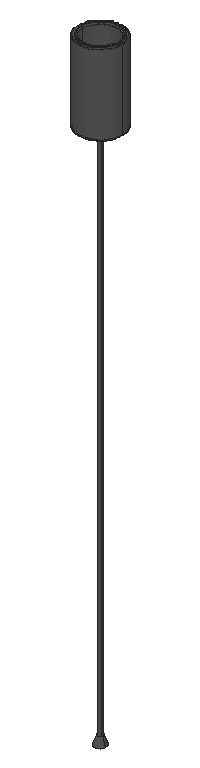
Revit family "CARLO CYLINDER LIGHT Pendant_ Surface", category Lighting Fixtures, host Face, Revit 2020 (continued)
Types (13): name | Wattage_Input | Wattage Comments | Wattage | built-in parameter 1150134 | Size 08 | Size 04 | Photometric Web File | built-in parameter 1150142 | Model | built-in parameter 1150105 | Lumens | built-in parameter 1150107 | built-in parameter 1150106 | Fixture Height | Fixture Diameter | BEAMING ANGLE | Apparent Load
    91 141.42 \r\n 143.18 145.28 147.68 150.32 153.39 157.01 161.29 166.31 172.33 179.54 \r\n 188.29 198.69 211.68 229.16 248.44 266.09 286.23 312.58 342.8 375.8 \r\n 411.63 450.1 490.98 533.99 579.02 625.97 674.44 724.17 774.56 824.95 \r\n 875.23 925.24 974.52 1022.7 1069.4 1114.5 1157.6 1199.1 1237.1 1269.6 \r\n 1298.3 1324.4 1348.2 1371 1391.9 1410.7 1426.6 1438.8 1446.9 1450.6 \r\n 1452.3 \r\n1448.4 1448.8 1442.8 1430.6 1414.2 1395.2 1373.9 1350.9 1326.8 1303.3 \r\n 1278.5 1251.6 1221.3 1185.5 1145.7 1102.7 1056.8 1008.1 957.59 905.87 \r\n 854.07 803.7 754.17 705.37 657.4 610.26 564.19 519.13 476.03 435.97 \r\n 398.59 363.69 331.92 304.02 279.67 259.1 241.45 225.89 212.48 201.12 \r\n 191.4 182.84 175.5 169.36 164.17 159.68 155.8 152.35 149.35 146.8 \r\n 144.6 142.7 141.05 139.6 138.32 137.19 136.13 135.02 133.91 132.8 \r\n 131.72 130.74 129.81 128.93 128.07 127.27 126.35 125.18 123.71 122.04 \r\n 119.62 115.88 110.95 104.54 97.366 89.987 82.525 75.404 68.281 60.823 \r\n 53.418 46.279 39.59 33.738 28.329 22.874 18.051 14.436 11.835 10.496 \r\n 9.6624 8.5308 7.4791 6.6245 5.9467 5.4919 5.1781 4.9537 4.773 4.5596 \r\n 4.3535 4.1694 4.0071 3.8808 3.7634 3.6285 3.4884 3.3451 3.2041 3.0786 \r\n 2.9481 2.7882 2.6235 2.4717 2.329 2.2037 2.0761 1.9194 1.763 1.6354 \r\n 1.5126 1.3763 1.2387 1.1047 0.97786 0.86471 0.76061 0.66133 0.57216 0.4982 \r\n 0.43579 0.38205 0.33974 0.31351 0.2948 0.27556 0.25885 0.24591 0.23414 0.22383 \r\n 0.21445 0.20557 0.19723 0.18923 0.18183 0.17564 0.16944 0.16198 0.15397 0.14533 \r\n 0.13714 0.13138 0.12523 0.11501 0.10534 0.10124 0.097774 0.090652 0.082947 0.076744 \r\n 0.070717 0.063797 0.057304 0.052767 0.048487 0.042976 0.037135 0.031154 0.025679 0.022234 \r\n 0.018387 0.010832 0.0037262 0.00096492 0.000032 0 0 0 0 0 \r\n 0 0 0 0 0 0 0 0 0.000031 0.0013136 \r\n 0.002549 0.0024383 0.0021985 0.0028871 0.003685 0.0034928 0.0042092 0.0076397 0.012963 0.020134 \r\n 0.028633 0.038297 0.048027 0.056577 0.064229 0.070799 0.076432 0.080571 0.085134 0.092697 \r\n 0.10072 0.10711 0.11308 0.11919 0.1253 0.13122 0.13758 0.14491 0.15327 0.16323 \r\n 0.17376 0.18393 0.19407 0.20281 0.21436 0.23331 0.2572 0.2846 0.31809 0.35744 \r\n 0.40957 0.48569 0.57262 0.65752 0.75056 0.85788 0.97875 1.1223 1.265 1.3733 \r\n 1.4868 1.6476 1.8141 1.9522 2.0816 2.2061 2.34 2.5129 2.6831 2.8062 \r\n 2.9199 3.0515 3.1873 3.3236 3.4567 3.5741 3.6983 3.8513 4.0227 4.2136 \r\n 4.4112 4.5949 4.7885 4.9757 5.2564 5.7465 6.3817 7.1594 8.0105 8.7744 \r\n 9.7245 10.87 12.843 16.44 21.176 26.987 33.419 39.972 46.724 53.522 \r\n 60.558 68.102 75.768 83.309 90.58 97.328 103.62 109.7 114.81 117.93 \r\n 120.04 121.72 123.09 124.49 125.74 126.72 127.6 128.54 129.51 130.51 \r\n 131.51 132.49 133.49 134.56 135.61 136.52 137.48 138.68 140.06 141.57 \r\n 143.32 145.44 147.87 150.51 153.58 157.24 161.58 166.65 172.77 180.14 \r\n 189.07 199.54 212.67 230.48 250.17 268.22 288.69 315.22 345.59 378.8 \r\n 414.86 453.56 494.62 537.73 582.84 629.94 678.56 728.42 778.89 829.23 \r\n 879.42 929.35 978.51 1026.5 1072.9 1117.3 1159.8 1201.1 1239.1 1271.4 \r\n 1300.1 1326.2 1350.2 1373.2 1394.2 1412.8 1428.4 1440.3 1448.2 1451.4 \r\n 1452.3 \r\n1448.4 1449.7 1444.7 1433.3 1417.6 1399.5 1378.9 1355.9 1331.7 1308.2 \r\n 1283.6 1257.2 1227.6 1192.4 1153.2 1110.7 1065.2 1016.9 966.67 914.86 \r\n 862.79 812.09 762.19 712.94 664.63 617.55 571.51 525.95 482.29 442.02 \r\n 404.4 368.9 336.44 307.76 282.86 262.62 245.24 228.92 214.59 202.86 \r\n 192.92 184.17 176.66 170.34 164.97 160.34 156.36 152.82 149.75 147.13 \r\n 144.87 142.93 141.25 139.77 138.47 137.35 136.3 135.18 134.06 132.97 \r\n 131.93 130.95 130.02 129.12 128.24 127.43 126.53 125.39 124 122.51 \r\n 120.32 116.88 112.26 106.1 99.168 92.107 84.869 77.651 70.353 62.835 \r\n 55.407 48.311 41.619 35.56 29.9 24.271 19.293 15.527 12.78 11.291 \r\n 10.333 9.1524 8.0655 7.1394 6.3677 5.777 5.3355 5.0449 4.831 4.6129 \r\n 4.4117 4.2172 4.0424 3.9059 3.7802 3.6406 3.4971 3.3487 3.2041 3.0789 \r\n 2.9508 2.7961 2.6344 2.4755 2.3257 2.2038 2.082 1.9296 1.7748 1.6405 \r\n 1.5121 1.3825 1.2516 1.1127 0.97919 0.86547 0.76216 0.66302 0.57298 0.49484 \r\n 0.42865 0.37577 0.3351 0.30814 0.28848 0.26961 0.25333 0.23975 0.22754 0.21776 \r\n 0.20872 0.19852 0.18888 0.18133 0.17459 0.16797 0.16133 0.15446 0.14696 0.13765 \r\n 0.12867 0.12289 0.11699 0.10699 0.097648 0.093989 0.091239 0.08564 0.079167 0.072733 \r\n 0.065753 0.057354 0.049313 0.043611 0.038751 0.033852 0.02905 0.02389 0.019271 0.016676 \r\n 0.013899 0.0081177 0.0026759 0.00064946 0.000023 0 0 0 0 0 \r\n 0 0 0 0 0 0 0 0 0.00010061 0.0042979 \r\n 0.0083991 0.0082611 0.007731 0.010149 0.012894 0.013527 0.014849 0.01936 0.025524 0.032674 \r\n 0.040707 0.0495 0.058449 0.066995 0.074881 0.08149 0.087338 0.09237 0.097685 0.10486 \r\n 0.1124 0.11914 0.12566 0.1321 0.13852 0.14491 0.15156 0.15851 0.16651 0.17685 \r\n 0.1879 0.19827 0.20858 0.21784 0.22954 0.2473 0.26979 0.2979 0.3323 0.37088 \r\n 0.42285 0.50235 0.5924 0.67686 0.76737 0.86915 0.9854 1.1309 1.2762 1.382 \r\n 1.492 1.6506 1.8164 1.9583 2.0913 2.2137 2.3443 2.5148 2.6844 2.8121 \r\n 2.9306 3.061 3.1956 3.3358 3.476 3.6054 3.7417 3.9015 4.078 4.2719 \r\n 4.4766 4.6742 4.8997 5.1539 5.5222 6.118 6.8579 7.7162 8.6345 9.4521 \r\n 10.45 11.647 13.671 17.324 22.107 27.938 34.373 40.906 47.629 54.424 \r\n 61.417 68.798 76.262 83.617 90.724 97.364 103.59 109.67 114.75 117.72 \r\n 119.67 121.31 122.67 124.1 125.39 126.39 127.3 128.29 129.3 130.32 \r\n 131.36 132.41 133.47 134.56 135.62 136.55 137.53 138.71 140.06 141.59 \r\n 143.36 145.48 147.9 150.53 153.61 157.3 161.68 166.78 172.92 180.38 \r\n 189.36 199.77 212.7 229.97 249.33 268.06 289.36 316.06 346.43 379.67 \r\n 415.74 454.42 495.44 538.44 583.49 630.78 679.59 729.44 779.83 830.12 \r\n 880.25 930.11 979.17 1027 1073.2 1117.2 1159.5 1200.9 1239.2 1271.5 \r\n 1300.1 1326.6 1350.9 1374.1 1395.3 1414 1429.6 1441.5 1449.3 1452.3 \r\n 1452.3 \r\n1448.4 1450.7 1446.8 1436.1 1421.1 1403.9 1384 1361.1 1336.9 1313.3 \r\n 1288.7 1262.9 1234 1199.5 1161 1119 1074 1026.1 976.05 924.19 \r\n 871.9 820.87 770.54 720.8 672.09 625.08 579.09 533.06 488.85 448.35 \r\n 410.47 374.34 341.19 311.88 286.6 266.68 249.48 232.19 216.75 204.6 \r\n 194.47 185.52 177.85 171.33 165.78 161.02 156.93 153.31 150.17 147.48 \r\n 145.18 143.19 141.47 139.96 138.65 137.54 136.5 135.37 134.24 133.19 \r\n 132.18 131.21 130.27 129.36 128.46 127.65 126.76 125.66 124.37 123.05 \r\n 121.11 117.96 113.66 107.81 101.19 94.493 87.505 80.19 72.706 65.129 \r\n 57.681 50.626 43.916 37.604 31.644 25.827 20.693 16.78 13.892 12.241 \r\n 11.144 9.9087 8.7788 7.7649 6.8775 6.1208 5.5237 5.1529 4.8989 4.6752 \r\n 4.48 4.2735 4.0837 3.9345 3.7982 3.6526 3.5048 3.3511 3.2028 3.0784 \r\n 2.9533 2.8045 2.6463 2.4795 2.3219 2.2036 2.0881 1.9396 1.7859 1.6447 \r\n 1.5106 1.3885 1.2651 1.1198 0.97832 0.86464 0.76294 0.66358 0.57206 0.48941 \r\n 0.41942 0.36818 0.32987 0.30182 0.2807 0.26229 0.24669 0.23253 0.21995 0.21075 \r\n 0.20205 0.19044 0.17939 0.17222 0.16609 0.15896 0.15182 0.14549 0.1385 0.12867 \r\n 0.11905 0.11321 0.10749 0.097898 0.089085 0.085847 0.083776 0.079873 0.074711 0.067671 \r\n 0.059331 0.049414 0.039865 0.032913 0.027429 0.023273 0.019708 0.015575 0.012002 0.010344 \r\n 0.0087502 0.0050452 0.0015541 0.00033482 0.000013 0 0 0 0 0 \r\n 0 0 0 0 0 0 0 0 0.00017379 0.0073937 \r\n 0.014518 0.014542 0.013928 0.018271 0.02316 0.024831 0.026941 0.03261 0.039676 0.046965 \r\n 0.054633 0.062418 0.070399 0.078862 0.086928 0.093484 0.099505 0.10556 0.11176 0.11852 \r\n 0.12554 0.13268 0.13983 0.14673 0.1536 0.16058 0.1676 0.17412 0.18168 0.19236 \r\n 0.20389 0.21431 0.22469 0.23456 0.24651 0.26299 0.28386 0.31247 0.34762 0.38548 \r\n 0.43732 0.51993 0.61289 0.69726 0.78544 0.88084 0.99152 1.1386 1.2863 1.3902 \r\n 1.4972 1.6525 1.817 1.9636 2.101 2.2213 2.348 2.515 2.6834 2.8167 \r\n 2.9408 3.0698 3.203 3.347 3.4947 3.6373 3.7872 3.9547 4.1369 4.3343 \r\n 4.5468 4.7568 5.0175 5.3557 5.8329 6.5541 7.416 8.3647 9.3571 10.238 \r\n 11.29 12.532 14.593 18.27 23.07 28.918 35.357 41.864 48.559 55.375 \r\n 62.349 69.564 76.813 83.956 90.875 97.4 103.55 109.59 114.63 117.48 \r\n 119.31 120.91 122.27 123.72 125.04 126.07 127.01 128.04 129.08 130.12 \r\n 131.19 132.31 133.43 134.54 135.61 136.58 137.58 138.74 140.06 141.6 \r\n 143.39 145.51 147.93 150.57 153.65 157.37 161.78 166.89 173.05 180.58 \r\n 189.59 199.99 212.75 229.3 248.14 267.55 289.67 316.51 346.82 380.06 \r\n 416.09 454.7 495.63 538.49 583.47 630.93 679.92 729.73 780.03 830.29 \r\n 880.37 930.14 979.09 1026.8 1072.8 1116.6 1158.7 1200.3 1238.8 1271.1 \r\n 1299.9 1326.6 1351.4 1374.8 1396.1 1414.9 1430.5 1442.6 1450.4 1453.2 \r\n 1452.3 \r\n1448.4 1451.7 1448.8 1438.9 1424.5 1408.2 1389 1366.2 1341.9 1318.2 \r\n 1293.7 1268.4 1240.1 1206.4 1168.5 1127 1082.4 1034.9 985.08 933.22 \r\n 880.76 829.39 778.64 728.39 679.29 632.32 586.38 539.92 495.21 454.47 \r\n 416.3 379.58 345.8 316.03 290.47 270.78 253.64 235.33 218.76 206.21 \r\n 195.9 186.78 178.96 172.26 166.54 161.66 157.46 153.76 150.56 147.83 \r\n 145.48 143.44 141.69 140.15 138.83 137.72 136.69 135.54 134.41 133.39 \r\n 132.41 131.46 130.53 129.6 128.69 127.87 126.99 125.94 124.75 123.6 \r\n 121.88 119.01 115.02 109.52 103.25 96.919 90.182 82.784 75.132 67.503 \r\n 60.034 53.005 46.257 39.674 33.403 27.395 22.11 18.058 15.038 13.229 \r\n 11.996 10.707 9.5331 8.4261 7.4156 6.4842 5.7233 5.2668 4.9694 4.7392 \r\n 4.5501 4.331 4.1255 3.963 3.8155 3.6631 3.5108 3.3521 3.2008 3.0774 \r\n 2.9556 2.8127 2.6581 2.4838 2.3186 2.2038 2.0941 1.9488 1.7957 1.648 \r\n 1.5088 1.3944 1.2782 1.1262 0.9765 0.86351 0.7641 0.66428 0.57095 0.48388 \r\n 0.41037 0.36123 0.32563 0.29621 0.27329 0.2553 0.24042 0.22579 0.21295 0.20433 \r\n 0.19597 0.18298 0.17055 0.16364 0.15802 0.1504 0.14278 0.13682 0.13026 0.12019 \r\n 0.11021 0.1042 0.098551 0.089492 0.081335 0.078427 0.076886 0.074577 0.070608 0.06273 \r\n 0.052874 0.041607 0.030773 0.022616 0.016506 0.013106 0.010785 0.0076934 0.0051514 0.0043372 \r\n 0.0038227 0.0021581 0.00058688 0.000094 0.000005 0 0 0 0 0 \r\n 0 0 0 0 0 0 0 0 0.00023962 0.010163 \r\n 0.020024 0.020319 0.01977 0.025906 0.032808 0.035642 0.038674 0.045405 0.053297 0.060934 \r\n 0.068464 0.075273 0.082236 0.090521 0.098644 0.10502 0.11112 0.1182 0.12533 0.1317 \r\n 0.1382 0.14571 0.15347 0.16091 0.16833 0.17594 0.18334 0.1894 0.19646 0.20752 \r\n 0.21952 0.22983 0.24013 0.2507 0.26301 0.2783 0.29756 0.32639 0.36205 0.39939 \r\n 0.45124 0.53646 0.63185 0.7162 0.8023 0.89163 0.99688 1.145 1.2947 1.3972 \r\n 1.5018 1.654 1.817 1.9682 2.1101 2.2284 2.3514 2.5147 2.6813 2.8198 \r\n 2.9495 3.0771 3.2089 3.3561 3.5106 3.6656 3.8283 4.0033 4.1911 4.3919 \r\n 4.6118 4.8324 5.1267 5.55 6.1368 6.9805 7.9596 8.992 10.053 10.997 \r\n 12.101 13.383 15.47 19.158 23.964 29.829 36.278 42.764 49.44 56.298 \r\n 63.276 70.347 77.398 84.335 91.069 97.489 103.57 109.54 114.51 117.26 \r\n 119 120.57 121.92 123.39 124.74 125.79 126.76 127.81 128.89 129.95 \r\n 131.03 132.21 133.4 134.52 135.6 136.61 137.65 138.77 140.07 141.62 \r\n 143.44 145.57 147.99 150.63 153.73 157.48 161.93 167.06 173.24 180.8 \r\n 189.85 200.37 213.07 228.87 247.12 267.07 289.91 316.84 347.09 380.3 \r\n 416.29 454.83 495.68 538.42 583.33 630.92 680.07 729.86 780.09 830.34 \r\n 880.4 930.06 978.88 1026.4 1072.4 1116 1157.9 1199.7 1238.4 1270.7 \r\n 1299.5 1326.7 1351.8 1375.4 1396.8 1415.7 1431.5 1443.6 1451.4 1454 \r\n 1452.3 \r\n1448.4 1452.7 1450.7 1441.5 1427.8 1412.3 1393.6 1370.9 1346.5 1322.8 \r\n 1298.4 1273.3 1245.6 1212.4 1175.2 1134.2 1089.9 1042.7 993.1 941.29 \r\n 888.72 837.04 785.88 735.17 685.71 638.73 592.78 546 500.9 459.89 \r\n 421.43 384.19 349.9 319.81 294.04 274.42 257.18 237.97 220.44 207.54 \r\n 197.08 187.8 179.86 173.02 167.17 162.17 157.89 154.13 150.89 148.1 \r\n 145.72 143.64 141.85 140.29 138.95 137.84 136.81 135.66 134.52 133.53 \r\n 132.59 131.65 130.72 129.78 128.87 128.04 127.18 126.18 125.09 124.09 \r\n 122.57 119.93 116.22 111.07 105.15 99.16 92.646 85.201 77.423 69.756 \r\n 62.26 55.227 48.414 41.575 35.015 28.829 23.403 19.225 16.086 14.139 \r\n 12.788 11.454 10.242 9.0479 7.9213 6.828 5.9149 5.3758 5.0349 4.7975 \r\n 4.6137 4.3825 4.1624 3.9877 3.83 3.6711 3.5143 3.3517 3.1985 3.0764 \r\n 2.9576 2.8198 2.6683 2.4883 2.3172 2.2051 2.0999 1.9565 1.8034 1.6506 \r\n 1.5078 1.4002 1.2902 1.132 0.97495 0.86336 0.76673 0.66641 0.57119 0.48101 \r\n 0.4038 0.35688 0.32391 0.293 0.26807 0.25032 0.23606 0.22111 0.20814 0.20006 \r\n 0.19198 0.17779 0.16411 0.15734 0.15204 0.14406 0.13606 0.13025 0.12394 0.11399 \r\n 0.10404 0.09776 0.091979 0.083524 0.076077 0.073341 0.07207 0.070982 0.067885 0.05908 \r\n 0.047804 0.035566 0.023853 0.014663 0.0079653 0.0052161 0.0039581 0.0017286 0 0 \r\n 0 0 0 0 0 0 0 0 0 0 \r\n 0 0 0 0 0 0 0 0 0.00028778 0.012168 \r\n 0.024038 0.024626 0.024237 0.031708 0.040164 0.044195 0.048239 0.055758 0.064267 0.072508 \r\n 0.080254 0.086287 0.092319 0.10031 0.1083 0.11434 0.12037 0.12836 0.13635 0.14239 \r\n 0.14842 0.15619 0.16445 0.17247 0.18048 0.18871 0.19646 0.20201 0.20857 0.22007 \r\n 0.23257 0.2426 0.25265 0.26395 0.27678 0.29115 0.3092 0.33784 0.37358 0.41074 \r\n 0.46286 0.54998 0.647 0.73115 0.8155 0.90021 1.0013 1.1497 1.3006 1.4022 \r\n 1.5055 1.6558 1.8179 1.9726 2.1178 2.235 2.3552 2.5148 2.6792 2.8216 \r\n 2.9555 3.082 3.2126 3.362 3.5215 3.686 3.8585 4.0394 4.2319 4.436 \r\n 4.6621 4.8906 5.2118 5.7059 6.3825 7.3229 8.3922 9.4853 10.595 11.592 \r\n 12.741 14.056 16.168 19.868 24.684 30.574 37.044 43.525 50.201 57.116 \r\n 64.121 71.095 77.996 84.765 91.344 97.684 103.7 109.58 114.46 117.13 \r\n 118.8 120.34 121.69 123.15 124.52 125.59 126.57 127.66 128.75 129.82 \r\n 130.93 132.16 133.39 134.52 135.61 136.66 137.74 138.84 140.11 141.69 \r\n 143.54 145.68 148.11 150.77 153.9 157.69 162.17 167.32 173.53 181.11 \r\n 190.22 201.06 213.92 229.08 246.74 267.01 290.33 317.34 347.55 380.77 \r\n 416.76 455.28 496.09 538.76 583.63 631.31 680.56 730.38 780.61 830.89 \r\n 880.94 930.47 979.12 1026.6 1072.4 1115.9 1157.8 1199.5 1238.2 1270.6 \r\n 1299.5 1327 1352.5 1376.2 1397.7 1416.7 1432.6 1444.7 1452.4 1454.8 \r\n 1452.3 \r\n1448.4 1453.5 1452 1443.4 1430.1 1414.6 1396.1 1373.6 1349.4 1325.9 \r\n 1301.6 1276.2 1248.1 1215.1 1178.2 1137.4 1093.3 1046.1 996.42 944.71 \r\n 892.19 840.27 788.84 738.07 688.54 641.25 595.02 548.3 503.24 461.83 \r\n 422.96 385.71 351.45 321.17 295.06 274.69 256.84 237.79 220.59 207.69 \r\n 197.16 187.84 179.86 173.04 167.21 162.19 157.87 154.11 150.86 148.07 \r\n 145.66 143.54 141.71 140.13 138.78 137.64 136.58 135.42 134.28 133.29 \r\n 132.36 131.44 130.52 129.59 128.69 127.89 127.08 126.14 125.11 124.16 \r\n 122.69 120.14 116.57 111.64 105.93 100 93.525 86.217 78.558 70.901 \r\n 63.341 56.136 49.143 42.229 35.619 29.357 23.845 19.558 16.325 14.346 \r\n 12.992 11.669 10.466 9.2514 8.092 6.9607 6.0075 5.4296 5.0583 4.8119 \r\n 4.6266 4.3897 4.1651 3.9901 3.8325 3.6704 3.511 3.3501 3.1996 3.0785 \r\n 2.9602 2.8219 2.6708 2.4957 2.329 2.2154 2.1067 1.9597 1.8042 1.6539 \r\n 1.5143 1.4076 1.2978 1.1394 0.9828 0.87473 0.7815 0.68134 0.58519 0.49319 \r\n 0.4159 0.36976 0.33734 0.30477 0.27781 0.25898 0.24415 0.22933 0.21668 0.20886 \r\n 0.20086 0.1862 0.17196 0.1649 0.15954 0.15201 0.14431 0.13748 0.13049 0.12228 \r\n 0.11406 0.10698 0.1001 0.092179 0.085333 0.08214 0.080025 0.077904 0.07387 0.064558 \r\n 0.053252 0.041933 0.031136 0.021787 0.014684 0.011911 0.010528 0.0077206 0.0051918 0.0039976 \r\n 0.0032627 0.0024112 0.0016023 0.00070519 0.000014 0 0 0 0 0 \r\n 0 0 0 0 0 0 0 0 0.000097 0.0099491 \r\n 0.019741 0.019949 0.019348 0.025279 0.032521 0.037475 0.042616 0.049333 0.057283 0.067395 \r\n 0.077238 0.083852 0.089749 0.097011 0.10396 0.10882 0.11395 0.12202 0.13033 0.13633 \r\n 0.14219 0.14948 0.15745 0.16606 0.17478 0.1833 0.19097 0.1956 0.2015 0.21421 \r\n 0.22788 0.23697 0.24606 0.25828 0.27241 0.28751 0.30593 0.33322 0.36798 0.40704 \r\n 0.46119 0.54818 0.64404 0.72528 0.80824 0.89848 1.0048 1.1504 1.2973 1.3991 \r\n 1.5051 1.6632 1.8317 1.9817 2.1216 2.2422 2.3663 2.5245 2.6853 2.8216 \r\n 2.9505 3.0782 3.2105 3.3575 3.5119 3.6668 3.8302 4.008 4.1994 4.4032 \r\n 4.6279 4.8575 5.1648 5.6096 6.2151 7.0645 8.0365 9.034 10.067 11.024 \r\n 12.169 13.516 15.704 19.558 24.532 30.497 37.026 43.597 50.365 57.355 \r\n 64.443 71.544 78.567 85.398 92.018 98.418 104.44 110.18 114.9 117.49 \r\n 119.12 120.61 121.92 123.35 124.68 125.74 126.74 127.84 128.96 130.05 \r\n 131.17 132.4 133
